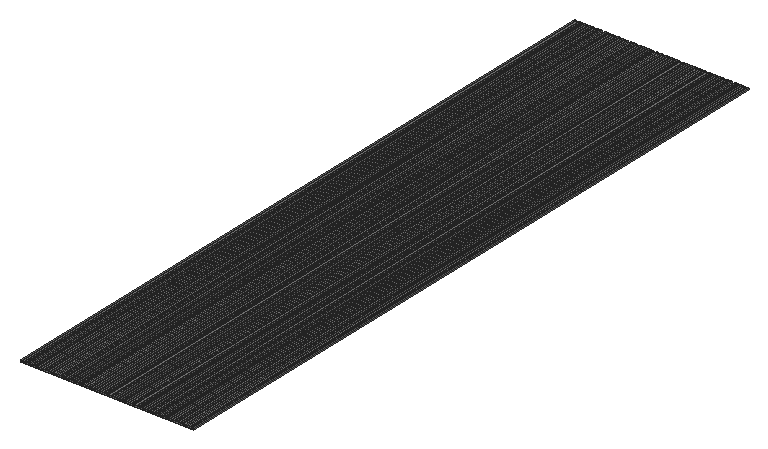
Revit family "111213058021710", category Modelos genéricos, Revit 2018
Family settings
  Puede alojar armadura = No
  Cota de conector redondo = Diámetro de uso
  Tipo de pieza = Normal
  Se basa en plano de trabajo = No
  Siempre vertical = No
  Corte con vacíos al cargar = No
  Compartido = No
  Punto de cálculo de habitación = No
Parameters (values of type "DESCANSO NEO PVC 300MM GRIS OSCURO TIRA 1.2MT")
  Ventajas = "Autoextinguible"
  Uso = "Es un producto que se instala en los descansos de las escaleras, es una solución\r\nfabricada en PVC, ideal para zonas de medio y alto trafico, con estrías antideslizantes.\r\nIdeal para: Edificios Públicos y Privados, Colegios, Universidades, Centros comerciales,\r\nAeropuertos, Hoteles, Edificios Habitacionales, entre otros."
  Unidad = "Tiras de 1.20 Mts y 3.00 Mts."
  URL = "https://www.empresascnp.cl/"
  Num SKUs = "111213058021710"
  Nombre SKU = "DESCANSO NEO PVC 300MM GRIS OSCURO TIRA 1.2MT"
  Modelo = "DESCANSO NEO PVC 300MM"
  Material = PVC flexible gris oscuro
  Url Ficha tecnica = "https://empresascnp.cl/wp-content/uploads//pdf/ficha-tecnica-descanso-neo-pvc-300mm-negro-tira-3mt.pdf"
  Largo = 1200.00 mm
  Espesor = 2.00 mm
  Empresa = "CNP SPA."
  Dureza = "80 shore A"
  Dimension = 300.00 mm
  Descripción = "Grada Neo 300x50 MM."
  Contacto = "info@empresascnp.cl"
  Color = "Gris oscuro"
  Aplicacion = "Escaleras"
  Alto = 50.00 mm
Reference planes
  plane 1 "Center F/B": y = 0
  plane 2: z = 0
  plane 3 "Center L/R": x = 0
  plane 4: z = -50
  plane 5 "2": y = 600
  plane 6 "3": y = -600
  plane 7: x = 300
  plane 8: z = -2
  plane 9 "4": x = 2
Forms (mm)
  Extrusion 1, solid, material "PVC flexible gris oscuro" <- "Material"
    sketch origin (0, 0, 0) x (1, 0, 0) y (0, 0, 1)
      loop
        line (300, -0.79) -> (299, -0.79) -> (299, 0) -> (297, 0) -> (297, -0.79) -> (296, -0.79) -> (296, 0) -> (294, 0) -> (294, -0.79) -> (293, -0.79) -> (293, 0) -> (291, 0) -> (291, -0.79) -> (287, -0.79) -> (287, 0) -> (285, 0) -> (285, -0.79) -> (284, -0.79) -> (284, 0) -> (282, 0) -> (282, -0.79) -> (281, -0.79) -> (281, 0) -> (279, 0) -> (279, -0.79) -> (278, -0.79) -> (278, 0) -> (276, 0) -> (276, -0.79) -> (272, -0.79) -> (272, 0) -> (270, 0) -> (270, -0.79) -> (269, -0.79) -> (269, 0) -> (267, 0) -> (267, -0.79) -> (266, -0.79) -> (266, 0) -> (264, 0) -> (264, -0.79) -> (263, -0.79) -> (263, 0) -> (261, 0) -> (261, -0.79) -> (257, -0.79) -> (257, 0) -> (255, 0) -> (255, -0.79) -> (254, -0.79) -> (254, 0) -> (252, 0) -> (252, -0.79) -> (251, -0.79) -> (251, 0) -> (249, 0) -> (249, -0.79) -> (248, -0.79) -> (248, 0) -> (246, 0) -> (246, -0.79) -> (242, -0.79) -> (242, 0) -> (240, 0) -> (240, -0.79) -> (239, -0.79) -> (239, 0) -> (237, 0) -> (237, -0.79) -> (236, -0.79) -> (236, 0) -> (234, 0) -> (234, -0.79) -> (233, -0.79) -> (233, 0) -> (231, 0) -> (231, -0.79) -> (227, -0.79) -> (227, 0) -> (225, 0) -> (225, -0.79) -> (224, -0.79) -> (224, 0) -> (222, 0) -> (222, -0.79) -> (221, -0.79) -> (221, 0) -> (219, 0) -> (219, -0.79) -> (218, -0.79) -> (218, 0) -> (216, 0) -> (216, -0.79) -> (212, -0.79) -> (212, 0) -> (210, 0) -> (210, -0.79) -> (209, -0.79) -> (209, 0) -> (207, 0) -> (207, -0.79) -> (206, -0.79) -> (206, 0) -> (204, 0) -> (204, -0.79) -> (203, -0.79) -> (203, 0) -> (201, 0) -> (201, -0.79) -> (197, -0.79) -> (197, 0) -> (195, 0) -> (195, -0.79) -> (194, -0.79) -> (194, 0) -> (192, 0) -> (192, -0.79) -> (191, -0.79) -> (191, 0) -> (189, 0) -> (189, -0.79) -> (188, -0.79) -> (188, 0) -> (186, 0) -> (186, -0.79) -> (182, -0.79) -> (182, 0) -> (180, 0) -> (180, -0.79) -> (179, -0.79) -> (179, 0) -> (177, 0) -> (177, -0.79) -> (176, -0.79) -> (176, 0) -> (174, 0) -> (174, -0.79) -> (173, -0.79) -> (173, 0) -> (171, 0) -> (171, -0.79) -> (167, -0.79) -> (167, 0) -> (165, 0) -> (165, -0.79) -> (164, -0.79) -> (164, 0) -> (162, 0) -> (162, -0.79) -> (161, -0.79) -> (161, 0) -> (159, 0) -> (159, -0.79) -> (158, -0.79) -> (158, 0) -> (156, 0) -> (156, -0.79) -> (152, -0.79) -> (152, 0) -> (150, 0) -> (150, -0.79) -> (149, -0.79) -> (149, 0) -> (147, 0) -> (147, -0.79) -> (146, -0.79) -> (146, 0) -> (144, 0) -> (144, -0.79) -> (143, -0.79) -> (143, 0) -> (141, 0) -> (141, -0.79) -> (137, -0.79) -> (137, 0) -> (135, 0) -> (135, -0.79) -> (134, -0.79) -> (134, 0) -> (132, 0) -> (132, -0.79) -> (131, -0.79) -> (131, 0) -> (129, 0) -> (129, -0.79) -> (128, -0.79) -> (128, 0) -> (126, 0) -> (126, -0.79) -> (122, -0.79) -> (122, 0) -> (120, 0) -> (120, -0.79) -> (119, -0.79) -> (119, 0) -> (117, 0) -> (117, -0.79) -> (116, -0.79) -> (116, 0) -> (114, 0) -> (114, -0.79) -> (113, -0.79) -> (113, 0) -> (111, 0) -> (111, -0.79) -> (107, -0.79) -> (107, 0) -> (105, 0) -> (105, -0.79) -> (104, -0.79) -> (104, 0) -> (102, 0) -> (102, -0.79) -> (101, -0.79) -> (101, 0) -> (99, 0) -> (99, -0.79) -> (98, -0.79) -> (98, 0) -> (96, 0) -> (96, -0.79) -> (92, -0.79) -> (92, 0) -> (90, 0) -> (90, -0.79) -> (89, -0.79) -> (89, 0) -> (87, 0) -> (87, -0.79) -> (86, -0.79) -> (86, 0) -> (84, 0) -> (84, -0.79) -> (83, -0.79) -> (83, 0) -> (81, 0) -> (81, -0.79) -> (77, -0.79) -> (77, 0) -> (75, 0) -> (75, -0.79) -> (74, -0.79) -> (74, 0) -> (72, 0) -> (72, -0.79) -> (71, -0.79) -> (71, 0) -> (69, 0) -> (69, -0.79) -> (68, -0.79) -> (68, 0) -> (66, 0) -> (66, -0.79) -> (62, -0.79) -> (62, 0) -> (60, 0) -> (60, -0.79) -> (59, -0.79) -> (59, 0) -> (57, 0) -> (57, -0.79) -> (56, -0.79) -> (56, 0) -> (54, 0) -> (54, -0.79) -> (53, -0.79) -> (53, 0) -> (51, 0) -> (51, -0.79) -> (47, -0.79) -> (47, 0) -> (45, 0) -> (45, -0.79) -> (44, -0.79) -> (44, 0) -> (42, 0) -> (42, -0.79) -> (41, -0.79) -> (41, 0) -> (39, 0) -> (39, -0.79) -> (38, -0.79) -> (38, 0) -> (36, 0) -> (36, -0.79) -> (32, -0.79) -> (32, 0) -> (30, 0) -> (30, -0.79) -> (29, -0.79) -> (29, 0) -> (27, 0) -> (27, -0.79) -> (26, -0.79) -> (26, 0) -> (24, 0) -> (24, -0.79) -> (23, -0.79) -> (23, 0) -> (21, 0) -> (21, -0.79) -> (17, -0.79) -> (17, 0) -> (15, 0) -> (15, -0.79) -> (14, -0.79) -> (14, 0) -> (12, 0) -> (12, -0.79) -> (11, -0.79) -> (11, 0) -> (9, 0) -> (9, -0.79) -> (8, -0.79) -> (8, 0) -> (6, 0) -> (6, -0.79) -> (2, -0.79) -> (2, 0) -> (0, 0) -> (0, -2) -> (300, -2) -> (300, -0.79)
    from -600 to 600
Dimensions and locks
  "Alto": level to plane 4
  equal spacing: plane 6 "3", plane 1 "Center F/B", plane 5 "2"
  "Largo": plane 6 "3" to plane 5 "2"
  "Dimension": plane 7 to plane 3 "Center L/R"
  "Espesor": plane 2 to Extrusion 1 sketch curve
  aligned and locked: plane 6 "3" to Extrusion 1
  aligned and locked: Extrusion 1 to plane 5 "2"
  aligned and locked: Extrusion 1 sketch curve to plane 7
Automatic sketch dimensions
  Extrusion 1 sketch curve to level = 0.00 mm  (x80)
  Extrusion 1 sketch curve to plane 3 "Center L/R" = 0.00 mm
  Extrusion 1 sketch curve to plane 9 "4" = 0.00 mm
  plane 9 "4" to Extrusion 1 sketch curve = 4.00 mm
  Extrusion 1 sketch curve to Extrusion 1 sketch curve = 2.00 mm  (x78)
  Extrusion 1 sketch curve to Extrusion 1 sketch curve = 1.00 mm  (x59)
  Extrusion 1 sketch curve to level = 0.79 mm  (x77)
  Extrusion 1 sketch curve to Extrusion 1 sketch curve = 4.00 mm  (x19)
  Extrusion 1 sketch curve to plane 7 = 1.00 mm
  Extrusion 1 sketch curve to Extrusion 1 sketch curve = 0.79 mm  (x3)
